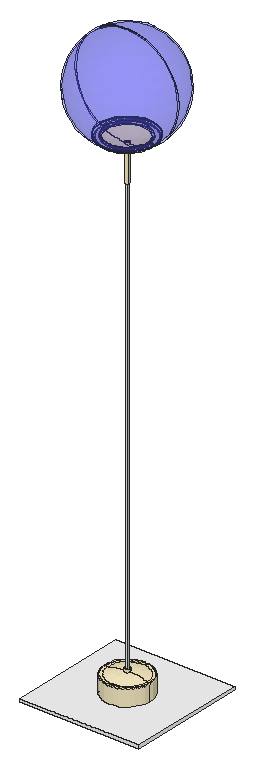
Revit family "BE_50822.4_de_DE", category Leuchten, Revit 2020
Family settings
  Basisbauteil = Fläche
  Bemaßung runder Anschluss = Durchmesser verwenden
  Teiletyp = Normal
  Beim Laden mit Abzugskörper schneiden = Ja
  Lichtquelle = Ja
  Gemeinsam genutzt = Nein
  Raumberechnungspunkt = Ja
Parameters (values of type "BEGA_50822.4_K4")
  built-in parameter 1150104 = 14.288 (stored number, unit not read)
  Wattage = 52.5 W
  Default Elevation = 0 mm
  built-in parameter 1150113 = 1 (stored number, unit not read)
  built-in parameter 1114218 = 1 (stored number, unit not read)
  Umgebungstemperatur = "25 °C"
  URL = "https://www.bega.com/de/produkt/50822.4"
  Typenkommentare = "© 2022 BEGA. Wir behalten uns das Recht vor, technische Änderungen ohne vorherige Ankündigung vorzunehmen."  # constant formula
  built-in parameter 1150134 = 12
  built-in parameter 1150109 = 1 (stored number, unit not read)
  Strom = ""
  built-in parameter 1150110 = 1 (stored number, unit not read)
  Spannung = 239.996 V
  Sonderanfertigung = no
  Seriennummer [instance] = "Hier können Sie die eindeutige Seriennummer für das Facility Management eintragen."
  Schutzklasse = "I"
  Schutzart = "IP 20"
  Scheinlast = 0 VA
  Produktdatenblatt = "https://cdn.bega.com/bega/products/50822.4K3/current/documents/data-sheets/de"
  Oberflächentemperatur = ""
  Neigungswinkel = 0.00°
  Modell = "50822.4K4"
  Material_32 = BEGA_Oberfläche_Messing_poliert
  Material_17 = BEGA_Reflektor
  Material_15 = BEGA_Leuchtmedium_matt
  Material_11 = BEGA_Glas_opal
  Material_09 = BEGA_Glas_klar
  Material_06 = BEGA_Oberfläche_Edelstahl_gebürstet
  Material_03 = BEGA_Oberfläche_Weiss_matt
  Material_02 = BEGA_Oberfläche_Silber_matt
  Material_01 [instance] = BEGA_Oberfläche_Grafit_matt
  M_W = no
  M_G = no
  M_A = no
  Logo = 0
  built-in parameter 1114217 = 1 (stored number, unit not read)
  built-in parameter 1150139 = (empty or 0)
  built-in parameter 1150105 = 642.55 (stored number, unit not read)
  built-in parameter 1150114 = 1 (stored number, unit not read)
  Lumens = 8074.5 lm
  built-in parameter 1150115 = 1 (stored number, unit not read)
  Leuchtenlichtstrom = "6348 lm"
  Leuchtenanzahl = ""
  Lebensdauerkriterien = "L70B50 @ 25 °C = 120000 h"
  Lastklassifizierung = Beleuchtung
  built-in parameter 1150112 = 1 (stored number, unit not read)
  Lampenlichtstrom = "8075 lm"
  Lampe = "LED 52.5 W"
  LED_Modulbezeichnung = "5x LED-0978/930"
  Hersteller = "BEGA"  # constant formula
  Halbstreuwinkel = ""
  Gewicht = "3.8 kg"
  Gebrauchslageneinschränkung [instance] = ""
  Frequenz = "0/50-60 Hz"
  Farbwiedergabeindex = "CRI > 90"
  Farbtemperaturverschiebung bei Dämpfen der Lampe = <Keine Auswahl>
  Farbtemperatur = "4000 K"
  Color Filter = 16777215
  built-in parameter 1150133 = 10 (stored number, unit not read)
  Energieeffizienzklasse = "LED A++ - A"
  built-in parameter 1150137 = (empty or 0)
  built-in parameter 1150132 = (empty or 0)
  ENEC = "ja"
  Dimmbar [instance] = "DALI"
  Datei für fotometrisches Netz = "BE_50822.4K4.IES"
  CE_Konformität = "ja"
  Bestellnummer = "50822.4K4"
  Beschreibung_Sonderanfertigung = "Hier können Sie Informationen zur Sonderanfertigung eintragen."
  Beschreibung = "Pendelleuchte"
  built-in parameter 1150106 = 6.4255 (stored number, unit not read)
  Befestigungsbohrung = "Ø 4,5 mm"
  Befestigungsabstand = "138 mm"
  Ballwurfsicher = ""
  BEGA_Intern_aus = yes
  BEGA_Intern_an = yes
  BEGA_Intern_Konstruktion = yes
  BEGA_Intern = yes
  BEGA_IES = yes
  BEGA_Dummy = no
  Anschlussleitung = ""
  Anschlussleistung [instance] = "58.5 W"
  Anschlusskasten = ""
  built-in parameter 1150107 = 4000 (stored number, unit not read)
  built-in parameter 1150102 = (empty or 0)
  built-in parameter 1150138 = (empty or 0)
  Aktualisierung = "2022-05-19T04:00:07"
  Abstand_zur_angestrahlten_Fläche [instance] = ""
  AC/DC = "AC/DC"
Types (2, lengths in mm): name | built-in parameter 1150104 | built-in parameter 1150134 | Modell | built-in parameter 1150105 | Lumens | Leuchtenlichtstrom | Lampenlichtstrom | Farbtemperatur | Datei für fotometrisches Netz | Bestellnummer | built-in parameter 1150106 | built-in parameter 1150107
  BEGA_50822.4_K3 | 14.066 (stored number, unit not read) | (empty or 0) | "50822.4K3" | 632.52 (stored number, unit not read) | 7948.5 lm | "6250 lm" | "7950 lm" | "3000 K" | "BE_50822.4K3.IES" | "50822.4K3" | 6.3252 (stored number, unit not read) | 3000 (stored number, unit not read)
  BEGA_50822.4_K4 | 14.288 (stored number, unit not read) | 12 | "50822.4K4" | 642.55 (stored number, unit not read) | 8074.5 lm | "6348 lm" | "8075 lm" | "4000 K" | "BE_50822.4K4.IES" | "50822.4K4" | 6.4255 (stored number, unit not read) | 4000 (stored number, unit not read)
Reference planes
  plane 1 "Mitte (Vorne/Hinten)": y = 0
  plane 2: z = 0
  plane 3 "Mitte (Links/Rechts)": x = 0
  plane 4 "Links": x = -175
  plane 5 "Rechts": x = 175
  plane 6 "Unten": y = -175
  plane 7 "Oben": y = 175
  plane 8 "Vorne": z = 2000
  plane 9 "Hinten": z = 0
Forms (mm)
  Extrusion 1, solid, material "BEGA_Platte_Weiss"
    sketch origin (0, -1119.2, 0) x (1, 0, 0) y (0, 1, 0)
      loop
        line (-200, 1319.2) -> (-200, 919.2) -> (200, 919.2) -> (200, 1319.2) -> (-200, 1319.2)
    from 0 to -10
  Extrusion 2, solid, material "BEGA_Dummy_matt", visible <- "BEGA_Dummy"
    sketch origin (77.149, -76.023, 0) x (1, 0, 0) y (0, 1, 0)
      loop
        circle (-77.149, 76.023) r 175
    from 0 to 2000
Dimensions and locks
  plane 1 "Mitte (Vorne/Hinten)" to Extrusion 1 = 200 mm
  aligned and locked: plane 2 to Extrusion 1
  aligned and locked: level to Extrusion 1
Nested families
  nested 1: "BE_56590.4" at (0, 0, 0), type "BE_56590.4"
Connectors
  electrical at (0, 0, 0), driven by "Lastklassifizierung", driven by "Spannung", driven by "Scheinlast"
    settings: index 1, voltage 239.996 V, apparent load 0 VA, apparent load phase1 0 VA, apparent load phase2 0 VA, apparent load phase3 0 VA, power factor 1, load classification "Beleuchtung", number of poles 1, system type 31, power factor state 1, is connector primary yes, connector utility no, sub classification motor no, connector description ""
Definition of nested family "BE_56590.4"
  Parameters (values of type "BE_56590.4")
    Default Elevation = 1 mm
    URL = "http://www.bega.de/de/produkt"
    Type Comments = "© 2015 BEGA. Wir behalten uns das Recht vor, technische Änderungen ohne vorherige Ankündigung vorzunehmen. "  # constant formula
    Type Image = (empty or 0)
    Neigungswinkel_um_Z2 = 0.00°
    Neigungswinkel_um_Z1 = 0.00°
    Neigungswinkel_um_Y2 = 0.00°
    Neigungswinkel_um_Y1 = 0.00°
    Neigungswinkel_um_X2 = 0.00°
    Neigungswinkel_um_X1 = 0.00°
    Material_32 = none
    Material_23 = none
    Material_18 = none
    Material_17 = none
    Material_15 = none
    Material_14 = none
    Material_11 = none
    Material_09 = none
    Material_06 = none
    Material_05 = none
    Material_03 = none
    Material_02 = none
    Material_01 = none
    M_W = yes
    M_G = yes
    M_A = yes
    Länge_Platte = 400 mm  # constant formula
    Höhe_Platte = -10 mm  # constant formula
    Manufacturer = "BEGA"  # constant formula
    Drehwinkel_um_Z2 = 0.00°
    Drehwinkel_um_Z1 = 0.00°
    Breite_Platte = 400 mm  # constant formula
  Reference planes
    plane 1 "Mitte (Oben/Unten)": y = 0
    plane 2: z = 0
    plane 3 "Mitte (Links/Rechts)": x = 0
    plane 4: z = 2000
    plane 5: x = -175
    plane 6: x = 175
    plane 7: y = -175
    plane 8: y = 175
  Forms (mm)
    Extrusion 1, solid, detail levels medium
      sketch origin (0, 0, 0) x (1, 0, 0) y (0, 1, 0)
        loop
          line (-200, 200) -> (-200, -200) -> (200, -200) -> (200, 200) -> (-200, 200)
      from 0 to -10 <- "Höhe_Platte"
    Revolve 2, solid, material <- "Material_03", detail levels medium+fine
      sketch origin (0, 0, 0) x (1, 0, 0) y (0, 0, 1)
        loop
          line (-73.5, 0) -> (-73.5, 7.5) -> (0, 7.5) -> (0, 9) -> (-73.5, 9)
          arc (-73.5, 9) -> (-74.561, 8.561) -> (-75, 7.5) r 1.5
          line (-75, 7.5) -> (-75, 0) -> (-73.5, 0)
        axis (0, 9) -> (0, 0)
      angle from 0 to 360
    Revolve 3, solid, material <- "Material_11", detail levels medium+fine
      sketch origin (0, 0, 0) x (1, 0, 0) y (0, 0, 1)
        loop
          arc (0, 2000) -> (-167.935, 1874.222) -> (-94.47, 1677.69) r 175
          arc (-94.47, 1677.69) -> (-93.967, 1677.467) -> (-93.422, 1677.389) r 2
          line (-93.422, 1677.389) -> (-74.5, 1677.389)
          arc (-74.5, 1677.389) -> (-73.439, 1676.95) -> (-73, 1675.889) r 1.5
          line (-73, 1675.889) -> (-73, 1672.389) -> (-66.5, 1672.389) -> (-66.5, 1676.393)
          arc (-66.5, 1676.393) -> (-67.965, 1679.924) -> (-71.495, 1681.388) r 5
          line (-71.495, 1681.388) -> (-91.031, 1681.388)
          arc (-91.031, 1681.388) -> (-92.745, 1681.638) -> (-94.316, 1682.367) r 6.001
          arc (-94.316, 1682.367) -> (-163.752, 1874.246) -> (0, 1995.999) r 170.998
          line (0, 1995.999) -> (0, 2000)
        axis (0, 1672.389) -> (0, 2000)
      angle from 0 to 360
    Revolve 4, solid, material <- "Material_03", detail levels medium+fine
      sketch origin (0, 0, 0) x (1, 0, 0) y (0, 0, 1)
        loop
          line (0, 61) -> (0, 1659.736) -> (-3.15, 1659.736) -> (-3.15, 61) -> (0, 61)
        axis (0, 1659.736) -> (0, 61)
      angle from 0 to 360
    Revolve 5, solid, material <- "Material_32", detail levels medium+fine
      sketch origin (0, 0, 0) x (1, 0, 0) y (0, 0, 1)
        loop
          arc (-86.578, 1674.307) -> (-47.769, 1659.855) -> (-6.775, 1653.988) r 193.601
          line (-6.775, 1653.988) -> (-7.399, 1654.611)
          arc (-7.399, 1654.611) -> (-47.983, 1660.529) -> (-86.4, 1674.889) r 193.001
          line (-86.4, 1674.889) -> (-86.4, 1676.789) -> (-87, 1677.389) -> (-87, 1674.99)
          arc (-87, 1674.99) -> (-86.886, 1674.589) -> (-86.578, 1674.307) r 0.764
        axis (0, 1653.988) -> (0, 1677.389)
      angle from 0 to 360
    Extrusion 6, void
      sketch origin (0, 0, 0) x (1, 0, 0) y (0, 1, 0)
        loop
          circle (-25, 55) r 8.5
        loop
          circle (25, 55) r 8.5
        loop
          circle (-25, -55) r 8.5
        loop
          circle (25, -55) r 8.5
        loop
          circle (68, 0) r 2.25
        loop
          circle (-68, 0) r 2.25
      from 4.8 to 10.216
    Revolve 7, solid, material <- "Material_32", detail levels medium+fine
      sketch origin (0, 0, 0) x (1, 0, 0) y (0, 0, 1)
        loop
          arc (-76, 56) -> (-76.707, 55.707) -> (-77, 55) r 1
          line (-77, 55) -> (-77, 0) -> (-75.5, 0) -> (-75.5, 54) -> (-65.592, 54)
          arc (-65.592, 54) -> (-65.008, 54.043) -> (-64.436, 54.171) r 4
          arc (-64.436, 54.171) -> (-32.567, 61.292) -> (0, 63.683) r 223
          line (0, 63.683) -> (0, 72.62) -> (-8.5, 72.62) -> (-8.5, 65.523)
          arc (-8.5, 65.523) -> (-37.205, 62.586) -> (-65.297, 56) r 225
          line (-65.297, 56) -> (-76, 56)
        axis (0, 0) -> (0, 72.62)
      angle from 0 to 360
    Revolve 8, solid, material <- "Material_32", detail levels medium+fine
      sketch origin (0, 0, 0) x (1, 0, 0) y (0, 0, 1)
        loop
          line (0, 1535.989) -> (0, 1658.989) -> (-6.5, 1658.989) -> (-6.5, 1535.989) -> (0, 1535.989)
        axis (0, 1535.989) -> (0, 1658.989)
      angle from 0 to 360
  Cuts and joins
    Extrusion 6 cuts Revolve 2
    joined: Revolve 5, Revolve 8
  Dimensions and locks
    equal spacing: Extrusion 1 sketch curve, plane 3 "Mitte (Links/Rechts)", Extrusion 1 sketch curve
    equal spacing: Extrusion 1 sketch curve, plane 1 "Mitte (Oben/Unten)", Extrusion 1 sketch curve
    "Länge_Platte": Extrusion 1 sketch curve to Extrusion 1 sketch curve
    "Breite_Platte": Extrusion 1 sketch curve to Extrusion 1 sketch curve
    aligned and locked: Extrusion 1 to plane 2
    aligned and locked: level to Extrusion 1
  Automatic sketch dimensions
    Revolve 3 sketch curve to plane 3 "Mitte (Links/Rechts)" = 0 mm  (x2)
    Revolve 3 sketch curve to Revolve 3 sketch curve = 40 mm
    plane 1 "Mitte (Oben/Unten)" to Extrusion 6 sketch curve = 0 mm  (x2)
    Extrusion 6 sketch curve to plane 3 "Mitte (Links/Rechts)" = 68 mm
    Extrusion 6 sketch curve to plane 3 "Mitte (Links/Rechts)" = 25 mm  (x2)
    plane 3 "Mitte (Links/Rechts)" to Extrusion 6 sketch curve = 25 mm  (x2)
    plane 3 "Mitte (Links/Rechts)" to Extrusion 6 sketch curve = 68 mm
    plane 1 "Mitte (Oben/Unten)" to Extrusion 6 sketch curve = 55 mm
    Extrusion 6 sketch curve to Extrusion 6 sketch curve = 0 mm  (x2)
    Extrusion 6 sketch curve to plane 1 "Mitte (Oben/Unten)" = 55 mm
    Revolve 2 sketch curve to level = 0 mm
    Revolve 2 sketch curve to plane 3 "Mitte (Links/Rechts)" = 0 mm  (x2)
    Revolve 2 sketch curve to plane 3 "Mitte (Links/Rechts)" = 73.5 mm
    Revolve 2 sketch curve to Revolve 2 sketch curve = 0 mm  (x6)
    Revolve 2 sketch curve to Revolve 2 sketch curve = 1.5 mm  (x2)
    Revolve 2 sketch curve to Revolve 2 sketch curve = 7.5 mm
    level to Revolve 2 sketch curve = 7.5 mm
    Revolve 2 sketch curve to Revolve 2 sketch curve = 3.5 mm
    Revolve 7 sketch curve to level = 0 mm
    Revolve 7 sketch curve to plane 3 "Mitte (Links/Rechts)" = 0 mm  (x2)
    Revolve 7 sketch curve to plane 3 "Mitte (Links/Rechts)" = 0.001 mm
    Revolve 7 sketch curve to Revolve 7 sketch curve = 0.294 mm
    Revolve 7 sketch curve to Revolve 7 sketch curve = 10.203 mm
    Revolve 7 sketch curve to Revolve 7 sketch curve = 0.5 mm
    Revolve 7 sketch curve to Revolve 7 sketch curve = 1.5 mm
    plane 3 "Mitte (Links/Rechts)" to Revolve 7 sketch curve = 0 mm
    Revolve 7 sketch curve to Revolve 7 sketch curve = 0 mm  (x2)
    level to Revolve 7 sketch curve = 54 mm
    Revolve 7 sketch curve to Revolve 7 sketch curve = 1 mm
    Revolve 7 sketch curve to Revolve 7 sketch curve = 2 mm
    Revolve 7 sketch curve to Revolve 7 sketch curve = 1.156 mm
    Revolve 7 sketch curve to Revolve 7 sketch curve = 0.001 mm
    level to Revolve 7 sketch curve = 29 mm
    Revolve 7 sketch curve to Revolve 7 sketch curve = 7.441 mm
    plane 3 "Mitte (Links/Rechts)" to Revolve 3 sketch curve = 0 mm
    Revolve 3 sketch curve to Revolve 3 sketch curve = 50 mm
    plane 3 "Mitte (Links/Rechts)" to Revolve 3 sketch curve = 0.002 mm
    Revolve 3 sketch curve to Revolve 3 sketch curve = 0.001 mm
    Revolve 3 sketch curve to Revolve 3 sketch curve = 0.154 mm
    Revolve 3 sketch curve to Revolve 3 sketch curve = 4.678 mm
    Revolve 3 sketch curve to Revolve 3 sketch curve = 1.048 mm
    Revolve 3 sketch curve to Revolve 3 sketch curve = 0.006 mm
    Revolve 3 sketch curve to Revolve 3 sketch curve = 0.301 mm
    Revolve 3 sketch curve to Revolve 3 sketch curve = 18.922 mm
    Revolve 3 sketch curve to Revolve 3 sketch curve = 0 mm  (x5)
    Revolve 3 sketch curve to Revolve 3 sketch curve = 1.5 mm  (x3)
    Revolve 3 sketch curve to Revolve 3 sketch curve = 3.5 mm
    Revolve 3 sketch curve to Revolve 3 sketch curve = 6.5 mm
    Revolve 3 sketch curve to Revolve 3 sketch curve = 0.5 mm
    Revolve 3 sketch curve to Revolve 3 sketch curve = 4.004 mm
    Revolve 3 sketch curve to Revolve 3 sketch curve = 0.004 mm
    Revolve 3 sketch curve to Revolve 3 sketch curve = 2.384 mm
    Revolve 3 sketch curve to Revolve 3 sketch curve = 143.612 mm
    Revolve 3 sketch curve to plane 4 = 0 mm
    Revolve 5 sketch curve to Revolve 5 sketch curve = 0 mm  (x3)
    Revolve 5 sketch curve to plane 3 "Mitte (Links/Rechts)" = 0 mm
    Revolve 5 sketch curve to plane 3 "Mitte (Links/Rechts)" = 6.775 mm
    Revolve 5 sketch curve to Revolve 5 sketch curve = 0.623 mm  (x2)
    Revolve 5 sketch curve to Revolve 5 sketch curve = 0.164 mm
    Revolve 5 sketch curve to Revolve 5 sketch curve = 0.6 mm  (x2)
    plane 3 "Mitte (Links/Rechts)" to Revolve 5 sketch curve = 0 mm
    Revolve 5 sketch curve to plane 4 = 346.012 mm
    Revolve 5 sketch curve to Revolve 5 sketch curve = 20.278 mm
    Revolve 5 sketch curve to Revolve 5 sketch curve = 0.101 mm
    Revolve 5 sketch curve to Revolve 5 sketch curve = 1.799 mm
    Revolve 5 sketch curve to Revolve 5 sketch curve = 1.181 mm
    Revolve 5 sketch curve to Revolve 5 sketch curve = 10 mm
    Revolve 3 sketch curve to plane 3 "Mitte (Links/Rechts)" = 66.5 mm
    Revolve 5 sketch curve to Revolve 5 sketch curve = 78.837 mm
    Revolve 4 sketch curve to plane 3 "Mitte (Links/Rechts)" = 0 mm  (x2)
    level to Revolve 4 sketch curve = 61 mm
    Revolve 4 sketch curve to Revolve 4 sketch curve = 65.176 mm
    Revolve 4 sketch curve to Revolve 4 sketch curve = 49.824 mm
    Revolve 7 sketch curve to Revolve 7 sketch curve = 7.097 mm
    Revolve 7 sketch curve to plane 3 "Mitte (Links/Rechts)" = 8.5 mm
    Revolve 7 sketch curve to Revolve 7 sketch curve = 56.797 mm
    Revolve 7 sketch curve to Revolve 7 sketch curve = 1.84 mm
    Revolve 7 sketch curve to Revolve 7 sketch curve = 0.296 mm
    Revolve 4 sketch curve to Revolve 4 sketch curve = 3.15 mm
    Revolve 4 sketch curve to plane 4 = 340.264 mm
    Revolve 8 sketch curve to plane 3 "Mitte (Links/Rechts)" = 0 mm  (x2)
    Revolve 8 sketch curve to Revolve 8 sketch curve = 6.5 mm
    Revolve 8 sketch curve to plane 4 = 464.011 mm
    Revolve 8 sketch curve to Revolve 8 sketch curve = 123 mm
    Revolve 8 sketch curve to Revolve 8 sketch curve = 0 mm
    Revolve 8 sketch curve to Revolve 8 sketch curve = 33.179 mm
    radius of Extrusion 6 sketch curve = 8.5 mm  (x4)
    radius of Extrusion 6 sketch curve = 2.25 mm  (x2)
